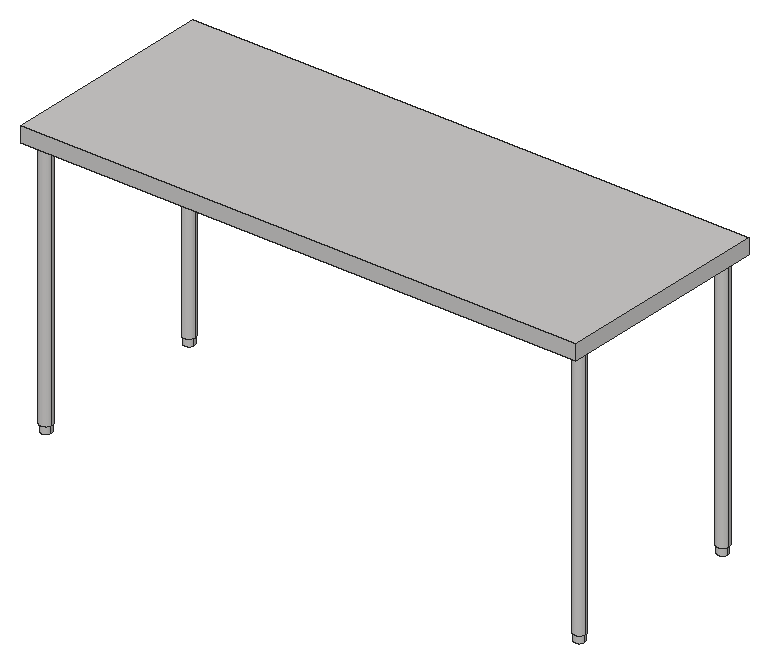
Revit family "QF_ELECTROLUXPROFESSIONAL_133052_TG1800EN", category Attrezzature speciali, Revit 2020
Family settings
  Quota connettore circolare = Usa diametro
  Tipo di parte = Normale
  Basato su piano di lavoro = No
  Sempre verticale = Sì
  Taglio con vuoti quando caricato = No
  Condiviso = No
  Punto di calcolo locali = No
Parameters (values of type "Standard")
  Weight = 54.00 kg
  Watts = 0 W
  Volts = 0 V
  URL Manufacturer = "https://www.electroluxprofessional.com/"
  URL = "https://www.electroluxprofessional.com/"
  Steam Supply Size = 0 mm
  Steam Supply Minimum Pressure = 0.0 Pa
  Steam Supply Maximum Pressure = 0.0 Pa
  Steam Consumption per Hour = 0
  Refrigeration Suction Line Size = 0.0 mm
  Refrigeration Liquid Line Size = 0.0 mm
  Refrigerant Compressor Remote = yes
  Prospetto di default = 0.0 mm
  Produttore = "Electrolux Professional"
  Phase = 0
  Modello = "TG1800EN"
  Length Actual = 1800.0 mm  # constant formula
  Item Number = "133052"
  Hot Water Size = 0 mm
  Height Actual = 900.0 mm  # constant formula
  HP = "0 HP"
  Gas Size = 0 mm
  Gas KW = 0
  Gas Input Pressure = 0 W
  Direct Waste Size = 0 mm
  Descrizione = "WORK TABLE 1800 MM"
  Depth Actual = 700.0 mm  # constant formula
  Cycle = 0 Hz
  Condensate Return Size = 0 mm
  Compressed Air Volume = 0.0 L/s
  Compressed Air Size = 0 mm
  Compressed Air Pressure = 0.0 Pa
  Cold Water Size = 0 mm
  Accessory = yes
Reference planes
  plane 1 "Center (Front/Back)": y = 0
  plane 2: z = 0
  plane 3 "Center (Left/Right)": x = -400
  plane 4 "LEFT": x = -1300
  plane 5 "RIGHT": x = 500
  plane 6 "BACK": y = 350
  plane 7 "FRONT": y = -350
  plane 8 "Base": z = 850
  plane 9 "TOP": z = 900
  plane 10: x = -1264.5
  plane 11: x = 464.5
  plane 12: y = 290
  plane 13: y = -290
Forms (mm)
  Extrusion 1, solid, material "QF_Finishes_Stainless Steel"
    sketch origin (-400, 0, 0) x (0, 1, 0) y (0, 0, 1)
      loop
        line (-350, 850) -> (350, 850) -> (350, 900) -> (-350, 900) -> (-350, 850)
    from 900 to -900
Lines and regions (mm)
  symbolic lines
    curve 1: line (500, 350, 900) -> (-1300, 350, 900)
    curve 2: line (-1300, 350, 900) -> (-1300, -350, 900)
    curve 3: line (-1300, -350, 900) -> (500, -350, 900)
    curve 4: line (500, -350, 900) -> (500, 350, 900)
Dimensions and locks
  plane 4 "LEFT" to plane 5 "RIGHT" = 1800.0 mm
  equal spacing: plane 4 "LEFT", plane 3 "Center (Left/Right)", plane 5 "RIGHT"
  locked: plane 8 "Base" to level at 850
  plane 4 "LEFT" to plane 10 = 35.5 mm
  plane 11 to plane 5 "RIGHT" = 35.5 mm
  plane 10 to plane 11 = 1729.0 mm
  locked: plane 9 "TOP" to level at 900
  plane 6 "BACK" to plane 12 = 60.0 mm
  plane 13 to plane 7 "FRONT" = 60.0 mm
  plane 6 "BACK" to plane 7 "FRONT" = 700.0 mm
  plane 12 to plane 13 = 580.0 mm
  equal spacing: plane 6 "BACK", plane 1 "Center (Front/Back)", plane 7 "FRONT"
  aligned and locked: level to plane 2
  aligned and locked: plane 10 to nested 1
  aligned and locked: nested 1 to plane 13
  aligned and locked: plane 11 to nested 2
  aligned and locked: nested 2 to plane 13
  aligned and locked: plane 11 to nested 4
  aligned and locked: nested 4 to plane 12
  aligned and locked: plane 10 to nested 3
  aligned and locked: nested 3 to plane 12
  aligned and locked: Extrusion 1 to plane 4 "LEFT"
  aligned and locked: plane 5 "RIGHT" to Extrusion 1
  aligned and locked: curve 2 to plane 4 "LEFT"
Automatic sketch dimensions
  Extrusion 1 sketch curve to plane 7 "FRONT" = 0.0 mm
  Extrusion 1 sketch curve to plane 8 "Base" = 0.0 mm
  curve 3 to plane 7 "FRONT" = 0.0 mm
  curve 4 to plane 6 "BACK" = 0.0 mm
  Extrusion 1 sketch curve to plane 9 "TOP" = 0.0 mm
  Extrusion 1 sketch curve to plane 6 "BACK" = 0.0 mm
  curve 4 to plane 5 "RIGHT" = 0.0 mm
Nested families
  nested 1: "FEET_D40" at (-1264.5, -290, 0), type "FEET_D40"
  nested 2: "FEET_D40" at (464.5, -290, 0), type "FEET_D40"
  nested 3: "FEET_D40" at (-1264.5, 290, 0), type "FEET_D40"
  nested 4: "FEET_D40" at (464.5, 290, 0), type "FEET_D40"
Definition of nested family "FEET_D40"
  Parameters
    Default Elevation = 0.0 mm
    FEET = 850.0 mm
  Reference planes
    plane 1 "Center (Front/Back)": y = 0
    plane 2: z = 0
    plane 3 "Center (Left/Right)": x = 0
    plane 4: z = 850
  Forms (mm)
    Extrusion 1, solid
      sketch origin (0, 0, 0) x (1, 0, 0) y (0, 1, 0)
        loop
          circle (0, 0.002) r 20
      from 25 to 845
    Extrusion 2, solid
      sketch origin (0, 0, 0) x (1, 0, 0) y (0, 1, 0)
        loop
          circle (0, 0) r 16
      from 0 to 25
    Extrusion 3, solid
      sketch origin (0, 0, 0) x (1, 0, 0) y (0, 1, 0)
        loop
          circle (0, 0.002) r 30
      from 845 to 850
  Lines and regions (mm)
    symbolic lines
      curve 1: line (0, -1.503, 0) -> (0, 1.508, 0)
      curve 2: line (1.561, 0, 0) -> (-1.439, 0, 0)
  Dimensions and locks
    "FEET": plane 4 to plane 2
    aligned and locked: level to plane 2
  Automatic sketch dimensions
    plane 1 "Center (Front/Back)" to Extrusion 2 sketch curve = 0.0 mm
    Extrusion 2 sketch curve to plane 3 "Center (Left/Right)" = 0.0 mm
    plane 1 "Center (Front/Back)" to curve 2 = 0.0 mm
    curve 1 to plane 3 "Center (Left/Right)" = 0.0 mm
    curve 2 to plane 3 "Center (Left/Right)" = 1.439 mm
    plane 3 "Center (Left/Right)" to curve 2 = 1.561 mm
    plane 1 "Center (Front/Back)" to curve 1 = 1.503 mm
    curve 1 to plane 1 "Center (Front/Back)" = 1.508 mm
    Extrusion 1 sketch curve to plane 3 "Center (Left/Right)" = 0.0 mm
    Extrusion 1 sketch curve to plane 1 "Center (Front/Back)" = 0.002 mm
    Extrusion 3 sketch curve to plane 3 "Center (Left/Right)" = 0.0 mm
    Extrusion 3 sketch curve to plane 1 "Center (Front/Back)" = 0.002 mm
    radius of Extrusion 2 sketch curve = 16.0 mm
    radius of Extrusion 1 sketch curve = 20.0 mm
    radius of Extrusion 3 sketch curve = 30.0 mm
